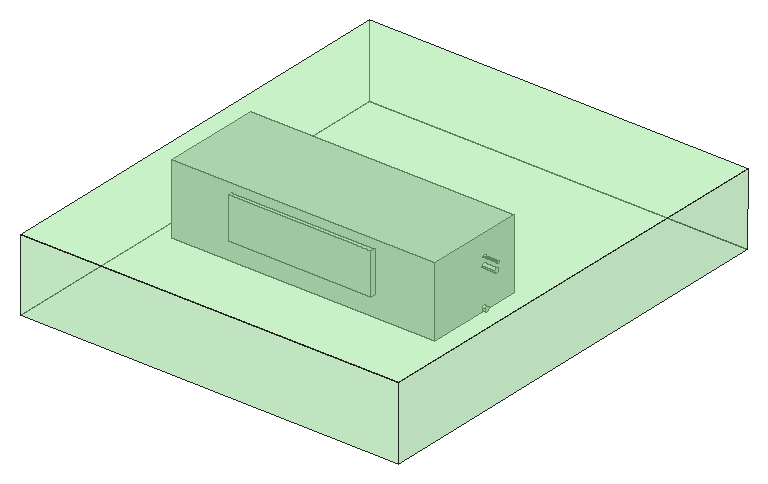
Revit family "BC_Hitachi_RPI-FSNE-8-10.0_LOD200", category Equipement de génie climatique, Revit 2016
Family settings
  Type d'élément = Normal
  Cote de connecteur circulaire = Utiliser le diamètre
  Numéro OmniClass = 23.75.00.00
  Titre OmniClass = Climate Control (HVAC)
  Basée sur le plan de construction = Non
  Toujours verticalement = Oui
  Couper avec des vides une fois chargée = Non
  Partagée = Non
  Point de calcul de pièce = Non
Parameters (values of type "RPI - 10.0 FSN3E")
  Usage Current = 10 A
  Sound power max (dB(A)) = 78
  Acoustic Pressure Level Medium (dB) = 55
  Refrigerant = "R410A"
  Product Code = "7E424011"
  Overall Width = 600.00 mm
  Overall Height = 1594.00 mm
  Overall Depth = 423.00 mm
  Output Width = 866.00 mm
  Output Height = 250.00 mm
  Outlet Diameter = 25.00 mm
  Number of Poles = "1"
  Nominal Voltage = 230 V
  Minimum Air Flow = 60000.0 L/min
  Minimum AC Voltage = 207 V
  Maximum Air Flow = 66000.0 L/min
  Maximum AC Voltage = 253 V
  Mass = 87.00 kg
  Operation and Service space [instance] = yes
  Operation and Service pipe distance = 600.00 mm
  Modèle = "Ducted unit RPI-FSN3/4 - 8 to 10"
  Liquid pipe Height = 300.00 mm
  Liquid Diameter = 9.52 mm
  Input Width = 1376.00 mm
  Input Height = 324.00 mm
  Heating Capacity = 31 kW
  Gas pipe Height = 250.00 mm
  Gas Diameter = 22.20 mm
  Frequency = 50 Hz
  Drain pipe Height = 20.00 mm
  Fan motor type (output) = 1065 W
  Fabricant = "HITACHI"
  Distance from left liquid pipe = 370.00 mm
  Distance from left pipe = 370.00 mm
  Distance from left Drain pipe = 370.00 mm
  Description = "Duct High pressure, Up to 200 Pa"
  Cooling Capacity = 28 kW
  Commentaires du type = "RPI - 10.0 FSN3E"
  Air outlet distance = 25.00 mm
  Air flow Speed (high/medium/low) m3/min) = "66/66/60"
  Acoustic Pressure Level Mini (dB) = 52
  Acoustic Pressure Level Maxi (dB) = 55
Types (2, lengths in mm): name | Sound power max (dB(A)) | Acoustic Pressure Level Medium (dB) | Product Code | Mass | Heating Capacity | Gas Diameter | Distance from left liquid pipe | Distance from left pipe | Cooling Capacity | Commentaires du type | Acoustic Pressure Level Mini (dB) | Acoustic Pressure Level Maxi (dB)
  RPI - 8.0 FSN3E | 77 | 54 | "7E424010" | 85.00 kg | 25 kW | 19.05 | 360.00 | 360.00 | 22.4 kW | "RPI - 8.0 FSN3E" | 51 | 54
  RPI - 10.0 FSN3E | 78 | 55 | "7E424011" | 87.00 kg | 31 kW | 22.20 | 370.00 | 370.00 | 28 kW | "RPI - 10.0 FSN3E" | 52 | 55
Reference planes
  plane 1 "Centre (avant/arrière)": y = 0
  plane 2: z = 0
  plane 3 "Centre (gauche/droite)": x = 0
  plane 4 "Gauche Boitier": x = -797
  plane 5 "Droit Boitier": x = 797
  plane 6 "Top": y = 300
  plane 7 "Base": y = -300
  plane 8 "Profondeur": z = 423
  plane 9: z = 140
  plane 10: z = 86
  plane 11 "DECALAGE Air Inlet": y = 330
  plane 12 "Decalage Air outlet": y = -325
  plane 13: x = 433
  plane 14: x = -433
  plane 15: x = -688
  plane 16: x = 688
  plane 17: z = 373.5
  plane 18: z = 49.5
  plane 19: z = 211.5
  plane 20: y = 1330
  plane 21: y = -1325
  plane 22 "A": x = -897
  plane 23 "B": x = 1397
  plane 24 "L1": z = 433
  plane 25 "L2": z = -10
Forms (mm)
  Extrusion 1, solid
    sketch origin (0, 0, 0) x (1, 0, 0) y (0, 1, 0)
      loop
        line (-797, 300) -> (-797, -300) -> (797, -300) -> (797, 300) -> (-797, 300)
    from 0 to 423
  Extrusion 2, solid
    sketch origin (797, 0, 0) x (0, 1, 0) y (0, 0, 1)
      loop
        circle (70, 300) r 4.76
    from 0 to 91
  Extrusion 3, solid
    sketch origin (797, 41.538, 47.769) x (0, 1, 0) y (0, 0, 1)
      loop
        circle (28.462, 202.231) r 11.1
    from 0 to 81
  Extrusion 4, solid
    sketch origin (797, 133.133, 76.392) x (0, 1, 0) y (0, 0, 1)
      loop
        circle (-63.133, -56.392) r 12.5
    from 0 to 22
  Extrusion 5, solid
    sketch origin (0, -300, 0) x (-1, 0, 0) y (0, 0, 1)
      loop
        line (-433, 373.5) -> (-433, 123.5) -> (433, 123.5) -> (433, 373.5) -> (-433, 373.5)
    from 0 to -25
  Extrusion 6, solid
    sketch origin (0, 300, 0) x (1, 0, 0) y (0, 0, 1)
      loop
        line (688, 373.5) -> (-688, 373.5) -> (-688, 49.5) -> (688, 49.5) -> (688, 373.5)
    from 0 to -30
  Extrusion 7, solid, material "Operation and service space", visible <- "Operation and Service space"
    sketch origin (0, 0, -10) x (-1, 0, 0) y (0, -1, 0)
      loop
        line (897, -1330) -> (897, 1325) -> (-1397, 1325) -> (-1397, -1330) -> (897, -1330)
    from 0 to 443
Lines and regions (mm)
  model lines, visible <- "Operation and Service space"
    curve 1: line (-897, 1330, 433) -> (1397, 1330, 433)
    curve 2: line (-897, -1325, 433) -> (-897, 1330, 433)
    curve 3: line (1397, -1325, 433) -> (-897, -1325, 433)
    curve 4: line (1397, 1330, 433) -> (1397, -1325, 433)
    curve 5: line (-897, 1330, -10) -> (1397, 1330, -10)
    curve 6: line (-897, -1325, -10) -> (-897, 1330, -10)
    curve 7: line (1397, -1325, -10) -> (-897, -1325, -10)
    curve 8: line (1397, 1330, -10) -> (1397, -1325, -10)
    curve 9: line (-897, 1330, 433) -> (-897, 1330, -10)
    curve 10: line (-897, -1325, 433) -> (-897, -1325, -10)
    curve 11: line (1397, 1330, 433) -> (1397, 1330, -10)
    curve 12: line (1397, -1325, 433) -> (1397, -1325, -10)
Dimensions and locks
  "Overall Height": plane 4 "Gauche Boitier" to plane 5 "Droit Boitier"
  equal spacing: plane 4 "Gauche Boitier", plane 3 "Centre (gauche/droite)", plane 5 "Droit Boitier"
  equal spacing: plane 7 "Base", plane 1 "Centre (avant/arrière)", plane 6 "Top"
  "Overall Width": plane 7 "Base" to plane 6 "Top"
  "Overall Depth": plane 8 "Profondeur" to plane 2
  "Distance from left liquid pipe": plane 7 "Base" to Extrusion 2 sketch curve
  "Liquid pipe Height": Extrusion 2 sketch curve to plane 2
  "Distance from left pipe": plane 7 "Base" to Extrusion 3 sketch curve
  "Gas pipe Height": Extrusion 3 sketch curve to plane 2
  "Distance from left Drain pipe": plane 7 "Base" to Extrusion 4 sketch curve
  "Air outlet distance": plane 7 "Base" to plane 12 "Decalage Air outlet"
  equal spacing: plane 15, plane 3 "Centre (gauche/droite)", plane 16
  "Input Height": plane 18 to plane 17
  equal spacing: plane 8 "Profondeur", plane 19, plane 2
  equal spacing: plane 17, plane 19, plane 18
  "Drain pipe Height": Extrusion 4 sketch curve to plane 2
  "Output Width": plane 14 to plane 13
  "Input Width": plane 15 to plane 16
  equal spacing: plane 14, plane 3 "Centre (gauche/droite)", plane 13
  "Output Height": plane 17 to Extrusion 5
  locked: plane 12 "Decalage Air outlet" to plane 21 at 1000
  locked: plane 11 "DECALAGE Air Inlet" to plane 20 at 1000
  locked: plane 22 "A" to plane 4 "Gauche Boitier" at 100
  "Operation and Service pipe distance": plane 5 "Droit Boitier" to plane 23 "B"
  locked: plane 2 to plane 25 "L2" at 10
  locked: plane 24 "L1" to plane 8 "Profondeur" at 10
  "Liquid Diameter": diameter of Extrusion 2 sketch curve
  "Gas Diameter": diameter of Extrusion 3 sketch curve
  "Outlet Diameter": diameter of Extrusion 4 sketch curve
  aligned and locked: level to plane 2
  aligned and locked: plane 6 "Top" to Extrusion 1 sketch curve
  aligned and locked: Extrusion 1 sketch curve to plane 4 "Gauche Boitier"
  aligned and locked: plane 7 "Base" to Extrusion 1 sketch curve
  aligned and locked: Extrusion 1 sketch curve to plane 5 "Droit Boitier"
  aligned and locked: plane 8 "Profondeur" to Extrusion 1
  aligned and locked: Extrusion 5 to plane 12 "Decalage Air outlet"
  aligned and locked: plane 16 to Extrusion 6 sketch curve
  aligned and locked: plane 18 to Extrusion 6 sketch curve
  aligned and locked: Extrusion 6 sketch curve to plane 17
  aligned and locked: plane 15 to Extrusion 6 sketch curve
  aligned and locked: plane 17 to Extrusion 5
  aligned and locked: plane 13 to Extrusion 5
  aligned and locked: plane 13 to Extrusion 5 sketch curve
  aligned and locked: plane 14 to Extrusion 5 sketch curve
  aligned and locked: plane 11 "DECALAGE Air Inlet" to Extrusion 6
  aligned and locked: curve 1 to plane 20
  aligned and locked: plane 22 "A" to curve 2
  aligned and locked: plane 21 to curve 3
  aligned and locked: curve 4 to plane 23 "B"
  aligned and locked: Extrusion 7 sketch curve to curve 1
  aligned and locked: Extrusion 7 sketch curve to curve 2
  aligned and locked: Extrusion 7 sketch curve to curve 3
  aligned and locked: Extrusion 7 sketch curve to curve 4
  aligned and locked: plane 24 "L1" to Extrusion 7
Automatic sketch dimensions
  level to Extrusion 5 sketch curve = 123.50 mm
  Extrusion 5 sketch curve to plane 8 "Profondeur" = 49.50 mm
  curve 7 to plane 21 = 0.00 mm
  curve 7 to plane 23 "B" = 0.00 mm
  curve 6 to plane 20 = 0.00 mm
  curve 5 to plane 22 "A" = 0.00 mm
  curve 10 to plane 21 = 0.00 mm
  curve 9 to plane 20 = 0.00 mm
  curve 9 to plane 25 "L2" = 0.00 mm
  curve 10 to plane 25 "L2" = 0.00 mm
  curve 10 to plane 24 "L1" = 0.00 mm
  curve 9 to plane 24 "L1" = 0.00 mm
  curve 12 to plane 21 = 0.00 mm
  curve 11 to plane 20 = 0.00 mm
  curve 11 to plane 25 "L2" = 0.00 mm
  curve 12 to plane 25 "L2" = 0.00 mm
  curve 12 to plane 24 "L1" = 0.00 mm
  curve 11 to plane 24 "L1" = 0.00 mm
Connectors
  piping at (819, 70, 20), diameter 25, driven by "Outlet Diameter"
    settings: on Extrusion 4, index 1, connector inside diameter 609.6 mm, connector length 0.00 mm, flow factor 0, pipe flow 0.0 L/s, pressure drop 0.0 Pa, fitting loss kfactor 0, connector angle 0.00°, fixture units 0, engagement length 0.00 mm, angle of deflection 0.00°, flow configuration 0, flow direction 0, fitting loss method 0, system type 16, joint type 0, gender type 0, connector reference index -1, connector utility 0, adjustable connector no, is connector primary yes, connector description ""
  piping at (878, 70, 250), diameter 22.2, driven by "Gas Diameter"
    settings: on Extrusion 3, index 2, connector inside diameter 609.6 mm, connector length 0.00 mm, flow factor 0, pipe flow 0.0 L/s, pressure drop 0.0 Pa, fitting loss kfactor 0, connector angle 0.00°, fixture units 0, engagement length 0.00 mm, angle of deflection 0.00°, flow configuration 0, flow direction 0, fitting loss method 0, system type 29, joint type 0, gender type 0, connector reference index -1, connector utility 0, adjustable connector no, is connector primary no, connector description ""
  piping at (888, 70, 300), diameter 9.52, driven by "Liquid Diameter"
    settings: on Extrusion 2, index 3, connector inside diameter 609.6 mm, connector length 0.00 mm, flow factor 0, pipe flow 0.0 L/s, pressure drop 0.0 Pa, fitting loss kfactor 0, connector angle 0.00°, fixture units 0, engagement length 0.00 mm, angle of deflection 0.00°, flow configuration 0, flow direction 0, fitting loss method 0, system type 29, joint type 0, gender type 0, connector reference index -1, connector utility 0, adjustable connector no, is connector primary no, connector description ""
  hvac at (0, 330, 211.5), driven by "Input Height", driven by "Input Width"
    settings: on Extrusion 6, index 5, duct flow 0.0 L/min, flow factor 0, pres drop 0.0 Pa, loss coef 0, conn angle 0.00°, conn width 1376 mm, conn height 324 mm, conn diameter 609.6 mm, duct sys type 29, conn prof type 1, flow config 0, flow direction 1, loss method 0, conn ref index -1, conn util no, is conn primary yes, conn desc ""
  hvac at (0, -325, 248.5), driven by "Output Height", driven by "Output Width"
    settings: on Extrusion 5, index 6, duct flow 0.0 L/min, flow factor 0, pres drop 0.0 Pa, loss coef 0, conn angle 0.00°, conn width 866 mm, conn height 250 mm, conn diameter 609.6 mm, duct sys type 29, conn prof type 1, flow config 0, flow direction 2, loss method 0, conn ref index -1, conn util no, is conn primary no, conn desc ""
